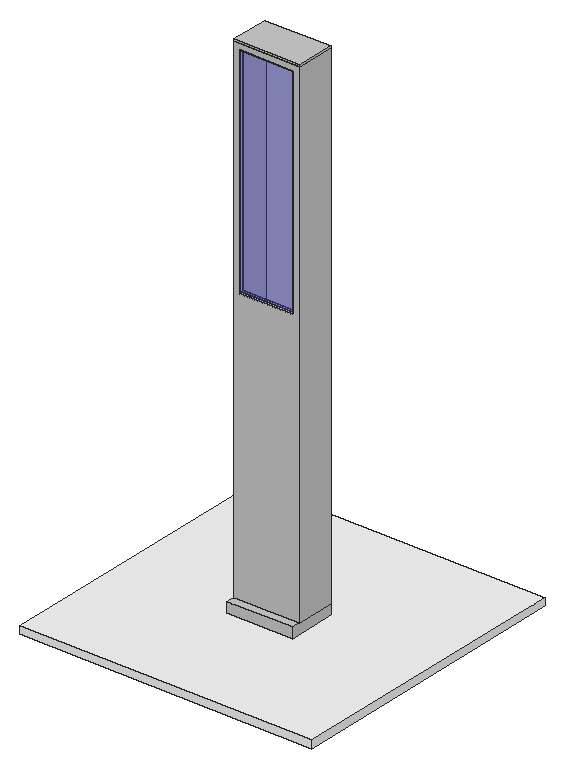
Revit family "BE_77247_de_DE", category Leuchten, Revit 2015
Parameters (values of type "BEGA_77247_Silber_K3")
  built-in parameter 1150104 = 7.7778 (stored number, unit not read)
  Wattage = 4.3 W
  Default Elevation = 0 mm
  built-in parameter 1150113 = 1 (stored number, unit not read)
  built-in parameter 1114218 = 1 (stored number, unit not read)
  Umgebungstemperatur = ""
  URL = "http://www.bega.de/produkt/77247"
  Typenkommentare = "© 2016 BEGA. Wir behalten uns das Recht vor, technische Änderungen ohne vorherige Ankündigung vorzunehmen."  # constant formula
  Type Image = 77247.png
  built-in parameter 1150134 = (empty or 0)
  built-in parameter 1150109 = 1 (stored number, unit not read)
  Strom = ""
  built-in parameter 1150110 = 1 (stored number, unit not read)
  Spannung = 239.996 V
  Sonderanfertigung = no
  Seriennummer [instance] = "Hier können Sie die eindeutige Seriennummer für das Facility Management eintragen."
  Schutzklasse = "I"
  Schutzart = "IP 65"
  Scheinlast = 0 VA
  Produktdatenblatt = "http://www.bega.de/download/Xrfa/db/77247.db.de.pdf"
  Oberflächentemperatur = ""
  Neigungswinkel = 0.00°
  Modell = "77247A"
  Material_18 = BEGA_Gummi_schwarz
  Material_17 = BEGA_Reflektor
  Material_15 = BEGA_Leuchtmedium_matt
  Material_11 = BEGA_Glas_opal
  Material_09 = BEGA_Glas_klar
  Material_08 = BEGA_Oberfläche_Stahl_verzinkt
  Material_06 = BEGA_Oberfläche_Edelstahl_gebürstet
  Material_03 = BEGA_Oberfläche_Weiss_matt
  Material_02 = BEGA_Oberfläche_Silber_matt
  Material_01 [instance] = BEGA_Oberfläche_Grafit_matt
  M_W = no
  M_G = no
  M_A = yes
  Logo = 0
  built-in parameter 1114217 = 1 (stored number, unit not read)
  built-in parameter 1150139 = (empty or 0)
  built-in parameter 1150105 = 28.648 (stored number, unit not read)
  built-in parameter 1150114 = 1 (stored number, unit not read)
  Lumens = 359.996 lm
  built-in parameter 1150115 = 1 (stored number, unit not read)
  Leuchtenlichtstrom = "99 lm"
  Leuchtenanzahl = ""
  Lebensdauerkriterien = "L70 = 50.000 h"
  Lastklassifizierung = Beleuchtung
  built-in parameter 1150112 = 1 (stored number, unit not read)
  Lampenlichtstrom = "360 lm"
  Lampe = "LED 4.3 W"
  LED_Modulbezeichnung = "LED-0295/830"
  built-in parameter 1150142 = (empty or 0)
  Hersteller = "BEGA"  # constant formula
  Halbstreuwinkel = ""
  Gewicht = "2.85 kg"
  Gebrauchslageneinschränkung [instance] = ""
  Frequenz = "50/60 Hz"
  Farbwiedergabeindex = "Ra > 80"
  Farbtemperaturverschiebung bei Dämpfen der Lampe = <Keine Auswahl>
  Farbtemperatur = "3000 K"
  Color Filter = 16777215
  built-in parameter 1150133 = 10 (stored number, unit not read)
  Energieeffizienzklasse = "LED A++ - A"
  built-in parameter 1150137 = (empty or 0)
  built-in parameter 1150132 = (empty or 0)
  ENEC = "ja"
  Dimmbar [instance] = ""
  Datei für fotometrisches Netz = "BE_77247.IES"
  CE_Konformität = "ja"
  Bestellnummer = "77247A"
  Beschreibung_Sonderanfertigung = "Hier können Sie Informationen zur Sonderanfertigung eintragen."
  Beschreibung = "Garten- und Wegeleuchte"
  built-in parameter 1150106 = 0.28648 (stored number, unit not read)
  Befestigungsbohrung = "Ø 5,5 mm"
  Befestigungsabstand = ""
  Ballwurfsicher = ""
  BEGA_Intern_aus = yes
  BEGA_Intern_an = yes
  BEGA_Intern_Konstruktion = yes
  BEGA_Intern = yes
  BEGA_IES = yes
  BEGA_Dummy = no
  Anschlussleitung = ""
  Anschlussleistung [instance] = "6 W"
  built-in parameter 1150107 = 3000 (stored number, unit not read)
  built-in parameter 1150102 = (empty or 0)
  built-in parameter 1150138 = (empty or 0)
  Aktualisierung = "2016-11-25T04:14:57"
  Abstand_zur_angestrahlten_Fläche [instance] = ""
  AC/DC = "AC"
Types (2, lengths in mm): name | Modell | M_G | M_A | Bestellnummer
  BEGA_77247_Grafit_K3 | "77247" | yes | no | "77247"
  BEGA_77247_Silber_K3 | "77247A" | no | yes | "77247A"
Reference planes
  plane 1 "Mitte (Vorne/Hinten)": y = 0
  plane 2: z = 0
  plane 3 "Mitte (Links/Rechts)": x = 0
  plane 4 "Links": x = -45.24
  plane 5 "Rechts": x = 45.237
  plane 6 "Unten": y = -38.74
  plane 7 "Oben": y = 26.737
  plane 8 "Vorne": z = 700.372
  plane 9 "Hinten": z = 0
Forms (mm)
  Extrusion 1, solid, material "BEGA_Platte_Weiss"
    sketch origin (0, -1119.2, 0) x (1, 0, 0) y (0, 1, 0)
      loop
        line (-200, 1319.2) -> (-200, 919.2) -> (200, 919.2) -> (200, 1319.2) -> (-200, 1319.2)
    from 0 to -10
  Extrusion 2, solid, material "BEGA_Dummy_matt", visible <- "BEGA_Dummy"
    sketch origin (80.095, -76.023, 0) x (1, 0, 0) y (0, 1, 0)
      loop
        line (-125.336, 102.76) -> (-125.336, 37.283) -> (-34.858, 37.283) -> (-34.858, 102.76) -> (-125.336, 102.76)
    from 0 to 700.372
Dimensions and locks
  plane 1 "Mitte (Vorne/Hinten)" to Extrusion 1 = 200 mm
  aligned and locked: plane 2 to Extrusion 1
  aligned and locked: level to Extrusion 1
Nested families
  nested 1: "BE_77247" at (0, 0, 0) x (0, -1, 0) z (0, 0, 1), type "BE_77247"
Connectors
  electrical at (0, 0, 0), driven by "Lastklassifizierung", driven by "Spannung", driven by "Scheinlast"
    settings: index 1, voltage 239.996 V, apparent load 0 VA, apparent load phase1 0 VA, apparent load phase2 0 VA, apparent load phase3 0 VA, power factor 1, load classification "Beleuchtung", number of poles 1, system type 31, power factor state 1, is connector primary yes, connector utility no, sub classification motor no, connector description ""
Definition of nested family "BE_77247"
  Parameters (values of type "BE_77247")
    Default Elevation = 1 mm
    URL = "http://www.bega.de/de/produkt"
    Type Comments = "© 2015 BEGA. Wir behalten uns das Recht vor, technische Änderungen ohne vorherige Ankündigung vorzunehmen. "  # constant formula
    Type Image = (empty or 0)
    Material_18 = none
    Material_17 = none
    Material_15 = none
    Material_11 = none
    Material_09 = none
    Material_08 = none
    Material_06 = none
    Material_03 = none
    Material_02 = none
    Material_01 = none
    M_W = yes
    M_G = yes
    M_A = yes
    Länge_Platte = 200 mm  # constant formula
    Höhe_Platte = -10 mm  # constant formula
    Manufacturer = "BEGA"  # constant formula
    Breite_Platte = 200 mm  # constant formula
  Reference planes
    plane 1 "Mitte (Oben/Unten)": y = 0
    plane 2: z = 0
    plane 3 "Mitte (Links/Rechts)": x = 0
    plane 4: x = -26.737
    plane 5: z = 700.372
    plane 6: x = 38.74
    plane 7: y = -45.24
    plane 8: y = 45.237
  Forms (mm)
    Extrusion 1, solid, detail levels medium
      sketch origin (0, 0, 0) x (1, 0, 0) y (0, 1, 0)
        loop
          line (-100, 100) -> (-100, -100) -> (100, -100) -> (100, 100) -> (-100, 100)
      from 0 to -10 <- "Höhe_Platte"
    Sweep 2, solid, material <- "Material_01", visible <- "M_G", detail levels medium+fine
      path origin (0, 0, 0) x (1, 0, 0) y (0, 1, 0)
        loop
          line (-26.5, 45) -> (-26.5, -45.003) -> (38.503, -45.003) -> (38.503, 45) -> (-26.5, 45)
      profile origin (-26.5, -0.002, 0) x (1, 0, 0) y (0, 0, 1)
        loop
          line (0, 13.572) -> (-0.237, 0) -> (1.46, 0) -> (1.583, 3.517) -> (2.477, 4.475) -> (2.734, 11.837) -> (4.9, 11.837) -> (4.9, 13.572) -> (0, 13.572)
    Extrusion 3, solid, material <- "Material_01", visible <- "M_G", detail levels medium+fine
      sketch origin (0, 0, 0) x (1, 0, 0) y (0, 0, 1)
        loop
          line (36.18, 13.572) -> (22.161, 13.572) -> (22.161, 10.872) -> (36.18, 10.872) -> (36.18, 13.572)
      from -40.1 to 40.103
    Sweep 4, solid, material <- "Material_01", visible <- "M_G", detail levels medium+fine
      path origin (0, 0, 0) x (1, 0, 0) y (0, 1, 0)
        loop
          line (-26.5, -45.003) -> (26.5, -45.003) -> (26.5, 45) -> (-26.5, 45) -> (-26.5, -45.003)
      profile origin (-26.5, -0.002, 0) x (-1, 0, 0) y (0, 0, 1)
        loop
          line (-3, 13.572) -> (0, 13.572) -> (0, 698.572) -> (-3, 698.572) -> (-3, 13.572)
    Revolve 5, solid, material <- "Material_08", detail levels medium+fine
      sketch origin (0, 0, 0) x (1, 0, 0) y (0, 0, 1)
        loop
          line (20.6, 3.827) -> (20.6, 0.998)
          arc (20.6, 0.998) -> (21.475, 0.288) -> (22.566, 0.001) r 2.674
          line (22.566, 0.001) -> (34.5, 0.001) -> (34.5, 2) -> (22.428, 2) -> (20.6, 3.827)
        axis (-0.5, 3.827) -> (-0.5, 0.001)
      angle from 0 to 360
    Extrusion 6, void
      sketch origin (0, 0, 0) x (1, 0, 0) y (0, 1, 0)
        loop
          line (-24.123, 4.279) -> (-19.72, 29.25)
          arc (-19.72, 29.25) -> (-31.304, 16.618) -> (-35.5, 0) r 35
          arc (-35.5, 0) -> (-31.304, -16.618) -> (-19.72, -29.25) r 35
          line (-19.72, -29.25) -> (-24.132, -4.23)
          arc (-24.132, -4.23) -> (-24.5, 0.025) -> (-24.123, 4.279) r 24.5
      from 0 to 5.614
    Revolve 7, solid, material <- "Material_08", detail levels medium+fine
      sketch origin (0, 0, 0) x (1, 0, 0) y (0, 0, 1)
        loop
          line (18.6, 0.998) -> (20.6, 0.998) -> (20.6, 120) -> (18.6, 120) -> (18.6, 0.998)
        axis (-0.5, 0.998) -> (-0.5, 120)
      angle from 0 to 360
    Extrusion 8, void
      sketch origin (0, 0, 0) x (1, 0, 0) y (0, 1, 0)
        loop
          circle (-15, 25.981) r 2.75
        loop
          circle (-15, -25.981) r 2.75
        loop
          circle (30, 0) r 2.75
      from 0 to 5.408
    Extrusion 9, solid, material <- "Material_01", visible <- "M_G", detail levels medium+fine
      sketch origin (0, 0, 0) x (1, 0, 0) y (0, 0, 1)
        loop
          line (26.5, 700.372) -> (-26.5, 700.372) -> (-26.5, 698.572) -> (26.5, 698.572) -> (26.5, 700.372)
      from -45 to 45.003
    Revolve 10, void
      sketch origin (0, 0, 0) x (1, 0, 0) y (0, 0, 1)
        loop
          line (-26.983, 52.572) -> (-26.983, 48.572) -> (-22.865, 48.572) -> (-22.865, 52.572) -> (-26.983, 52.572)
        axis (-26.983, 48.572) -> (-22.865, 48.572)
      angle from 0 to 360
    Revolve 11, void
      sketch origin (0, 0, 50) x (1, 0, 0) y (0, 0, 1)
        loop
          line (-26.983, 52.572) -> (-26.983, 48.572) -> (-22.865, 48.572) -> (-22.865, 52.572) -> (-26.983, 52.572)
        axis (-26.983, 48.572) -> (-22.865, 48.572)
      angle from 0 to 360
    Revolve 12, solid, material <- "Material_06", detail levels fine
      sketch origin (0, 0, 0) x (1, 0, 0) y (0, 0, 1)
        loop
          line (-27.5, 98.572) -> (-21.6, 98.572) -> (-21.6, 100.172) -> (-23.001, 101.573) -> (-23.001, 102.742) -> (-26.5, 102.497) -> (-26.5, 101.572) -> (-27.5, 101.572) -> (-27.5, 98.572)
        axis (-27.5, 98.572) -> (-21.6, 98.572)
      angle from 0 to 360
    Blend 13, void
      base sketch origin (0, 0, -0.4) x (0, 1, 0) y (0, 0, 1)
        loop
          line (-36.203, 690.172) -> (-36.203, 391.772) -> (36.2, 391.772) -> (36.2, 690.172) -> (-36.203, 690.172)
      top sketch origin (0, 0, -0.4) x (0, 1, 0) y (0, 0, 1)
        loop
          line (-37.303, 691.272) -> (-37.303, 390.672) -> (37.3, 390.672) -> (37.3, 691.272) -> (-37.303, 691.272)
      from 23.332 to 26.857
    Extrusion 14, solid, material <- "Material_11", detail levels medium+fine
      sketch origin (0, 0, 0) x (1, 0, 0) y (0, 0, 1)
        loop
          line (26.51, 689.072) -> (22.51, 689.072) -> (22.51, 392.072) -> (26.51, 392.072) -> (26.51, 689.072)
      from -35.438 to 35.351
    Revolve 15, solid, material <- "Material_06", detail levels fine
      sketch origin (0, 0, -50) x (1, 0, 0) y (0, 0, 1)
        loop
          line (-27.5, 98.572) -> (-21.6, 98.572) -> (-21.6, 100.172) -> (-23.001, 101.573) -> (-23.001, 102.742) -> (-26.5, 102.497) -> (-26.5, 101.572) -> (-27.5, 101.572) -> (-27.5, 98.572)
        axis (-27.5, 98.572) -> (-21.6, 98.572)
      angle from 0 to 360
    Sweep 16, solid, material <- "Material_02", visible <- "M_A", detail levels medium+fine
      path origin (0, 0, 0) x (1, 0, 0) y (0, 1, 0)
        loop
          line (-26.5, 45) -> (-26.5, -45.003) -> (38.503, -45.003) -> (38.503, 45) -> (-26.5, 45)
      profile origin (-26.5, -0.002, 0) x (1, 0, 0) y (0, 0, 1)
        loop
          line (0, 13.572) -> (-0.237, 0) -> (1.46, 0) -> (1.583, 3.517) -> (2.477, 4.475) -> (2.734, 11.837) -> (4.9, 11.837) -> (4.9, 13.572) -> (0, 13.572)
    Extrusion 17, solid, material <- "Material_02", visible <- "M_A", detail levels medium+fine
      sketch origin (0, 0, 0) x (1, 0, 0) y (0, 0, 1)
        loop
          line (36.18, 13.572) -> (22.161, 13.572) -> (22.161, 10.872) -> (36.18, 10.872) -> (36.18, 13.572)
      from -40.1 to 40.103
    Sweep 18, solid, material <- "Material_02", visible <- "M_A", detail levels medium+fine
      path origin (0, 0, 0) x (1, 0, 0) y (0, 1, 0)
        loop
          line (-26.5, -45.003) -> (26.5, -45.003) -> (26.5, 45) -> (-26.5, 45) -> (-26.5, -45.003)
      profile origin (-26.5, -0.002, 0) x (-1, 0, 0) y (0, 0, 1)
        loop
          line (-3, 13.572) -> (0, 13.572) -> (0, 698.572) -> (-3, 698.572) -> (-3, 13.572)
    Extrusion 19, solid, material <- "Material_02", visible <- "M_A", detail levels medium+fine
      sketch origin (0, 0, 0) x (1, 0, 0) y (0, 0, 1)
        loop
          line (26.5, 700.372) -> (-26.5, 700.372) -> (-26.5, 698.572) -> (26.5, 698.572) -> (26.5, 700.372)
      from -45 to 45.003
  Cuts and joins
    Extrusion 8 cuts Sweep 2
    Extrusion 8 cuts Extrusion 3
    joined: Sweep 2, Extrusion 3
    Extrusion 6, Extrusion 8 cuts Revolve 5
    Extrusion 8 cuts Revolve 7
    joined: Revolve 5, Revolve 7
    Extrusion 6, Revolve 10, Revolve 11, Blend 13 cuts Sweep 4
    joined: Sweep 16, Extrusion 17
    Revolve 10, Revolve 11, Blend 13 cuts Sweep 18
  Dimensions and locks
    equal spacing: Extrusion 1 sketch curve, plane 3 "Mitte (Links/Rechts)", Extrusion 1 sketch curve
    equal spacing: Extrusion 1 sketch curve, plane 1 "Mitte (Oben/Unten)", Extrusion 1 sketch curve
    "Länge_Platte": Extrusion 1 sketch curve to Extrusion 1 sketch curve
    "Breite_Platte": Extrusion 1 sketch curve to Extrusion 1 sketch curve
    aligned and locked: Extrusion 1 to plane 2
    aligned and locked: level to Extrusion 1
  Automatic sketch dimensions
    Sweep 2 sketch curve to plane 3 "Mitte (Links/Rechts)" = 26.5 mm
    plane 3 "Mitte (Links/Rechts)" to Sweep 2 sketch curve = 38.503 mm
    plane 1 "Mitte (Oben/Unten)" to Sweep 2 sketch curve = 45.003 mm
    Sweep 2 sketch curve to plane 1 "Mitte (Oben/Unten)" = 45 mm
    Sweep 2 sketch curve to level = 0 mm
    profile plane to Sweep 2 sketch curve = 0.237 mm
    Sweep 2 sketch curve to profile plane = 0 mm
    Sweep 2 sketch curve to profile plane = 1.46 mm
    Sweep 2 sketch curve to profile plane = 1.583 mm
    Sweep 2 sketch curve to Sweep 2 sketch curve = 0.893 mm
    Sweep 2 sketch curve to profile plane = 2.734 mm
    Sweep 2 sketch curve to Sweep 2 sketch curve = 2.166 mm
    level to Sweep 2 sketch curve = 3.517 mm
    Sweep 2 sketch curve to Sweep 2 sketch curve = 0.958 mm
    Sweep 2 sketch curve to Sweep 2 sketch curve = 7.362 mm
    Sweep 2 sketch curve to Sweep 2 sketch curve = 1.735 mm
    plane 3 "Mitte (Links/Rechts)" to Extrusion 3 sketch curve = 22.161 mm
    Extrusion 3 sketch curve to Extrusion 3 sketch curve = 14.019 mm
    level to Extrusion 3 sketch curve = 10.872 mm
    Extrusion 3 sketch curve to Extrusion 3 sketch curve = 2.7 mm
    Sweep 4 sketch curve to plane 3 "Mitte (Links/Rechts)" = 26.5 mm
    plane 3 "Mitte (Links/Rechts)" to Sweep 4 sketch curve = 26.5 mm
    plane 1 "Mitte (Oben/Unten)" to Sweep 4 sketch curve = 45.003 mm
    Sweep 4 sketch curve to plane 1 "Mitte (Oben/Unten)" = 45 mm
    profile plane to Sweep 4 sketch curve = 3 mm
    Sweep 4 sketch curve to profile plane = 0 mm
    level to Sweep 4 sketch curve = 13.572 mm
    Sweep 4 sketch curve to Sweep 4 sketch curve = 685 mm
    level to Revolve 5 sketch curve = 0.998 mm
    plane 3 "Mitte (Links/Rechts)" to Revolve 5 sketch curve = 20.6 mm
    level to Revolve 5 sketch curve = 2 mm
    Revolve 5 sketch curve to Revolve 5 sketch curve = 1.828 mm
    level to Revolve 5 sketch curve = 0.001 mm
    Revolve 5 sketch curve to Revolve 5 sketch curve = 0.138 mm
    Revolve 5 sketch curve to Revolve 5 sketch curve = 0.257 mm
    Revolve 5 sketch curve to Revolve 5 sketch curve = 11.815 mm
    Revolve 5 sketch curve to Revolve 5 sketch curve = 1.155 mm
    Revolve 5 sketch curve to plane 3 "Mitte (Links/Rechts)" = 0.5 mm
    level to Revolve 5 sketch curve = 5.947 mm
    Revolve 5 sketch curve to Revolve 5 sketch curve = 4.112 mm
    Extrusion 6 sketch curve to Extrusion 6 sketch curve = 0 mm  (x2)
    plane 1 "Mitte (Oben/Unten)" to Extrusion 6 sketch curve = 0 mm  (x2)
    Extrusion 6 sketch curve to plane 3 "Mitte (Links/Rechts)" = 0 mm
    Extrusion 6 sketch curve to plane 3 "Mitte (Links/Rechts)" = 0.5 mm
    Extrusion 6 sketch curve to plane 3 "Mitte (Links/Rechts)" = 19.72 mm  (x2)
    Extrusion 6 sketch curve to plane 1 "Mitte (Oben/Unten)" = 4.279 mm
    Extrusion 6 sketch curve to Extrusion 6 sketch curve = 23.623 mm
    plane 1 "Mitte (Oben/Unten)" to Extrusion 6 sketch curve = 4.23 mm
    Extrusion 6 sketch curve to Extrusion 6 sketch curve = 25.021 mm
    plane 3 "Mitte (Links/Rechts)" to Revolve 7 sketch curve = 18.6 mm
    level to Revolve 7 sketch curve = 0.998 mm
    Revolve 7 sketch curve to Revolve 7 sketch curve = 2 mm
    Revolve 7 sketch curve to Revolve 7 sketch curve = 119.002 mm
    Revolve 7 sketch curve to plane 3 "Mitte (Links/Rechts)" = 0.5 mm
    level to Revolve 7 sketch curve = 24.123 mm
    Revolve 7 sketch curve to Revolve 7 sketch curve = 4.292 mm
    Extrusion 9 sketch curve to plane 3 "Mitte (Links/Rechts)" = 26.5 mm
    plane 3 "Mitte (Links/Rechts)" to Extrusion 9 sketch curve = 26.5 mm
    level to Extrusion 9 sketch curve = 698.572 mm
    Extrusion 9 sketch curve to Extrusion 9 sketch curve = 1.8 mm
    Revolve 10 sketch curve to plane 3 "Mitte (Links/Rechts)" = 26.983 mm
    Revolve 10 sketch curve to Revolve 10 sketch curve = 4.118 mm
    level to Revolve 10 sketch curve = 48.572 mm
    Revolve 10 sketch curve to Revolve 10 sketch curve = 4 mm
    Revolve 10 sketch curve to Revolve 10 sketch curve = 0.21 mm
    Revolve 10 sketch curve to Revolve 10 sketch curve = 1.673 mm
    Revolve 10 sketch curve to Revolve 10 sketch curve = 0 mm
    Revolve 11 sketch curve to plane 3 "Mitte (Links/Rechts)" = 26.983 mm
    Revolve 11 sketch curve to Revolve 11 sketch curve = 4.118 mm
    level to Revolve 11 sketch curve = 98.572 mm
    Revolve 11 sketch curve to Revolve 11 sketch curve = 4 mm
    Revolve 11 sketch curve to Revolve 11 sketch curve = 0.21 mm
    Revolve 11 sketch curve to Revolve 11 sketch curve = 1.673 mm
    Revolve 11 sketch curve to Revolve 11 sketch curve = 0 mm
    Revolve 12 sketch curve to plane 3 "Mitte (Links/Rechts)" = 27.5 mm
    Revolve 12 sketch curve to Revolve 12 sketch curve = 1 mm
    Revolve 12 sketch curve to Revolve 12 sketch curve = 3.499 mm
    Revolve 12 sketch curve to Revolve 12 sketch curve = 1.401 mm
    level to Revolve 12 sketch curve = 98.572 mm
    Revolve 12 sketch curve to Revolve 12 sketch curve = 3 mm
    Revolve 12 sketch curve to Revolve 12 sketch curve = 3.001 mm
    Revolve 12 sketch curve to Revolve 12 sketch curve = 0.925 mm
    Revolve 12 sketch curve to Revolve 12 sketch curve = 1.169 mm
    Revolve 12 sketch curve to Revolve 12 sketch curve = 0 mm  (x2)
    Revolve 12 sketch curve to Revolve 12 sketch curve = 1.676 mm
    Revolve 12 sketch curve to Revolve 12 sketch curve = 1.6 mm
    plane 1 "Mitte (Oben/Unten)" to Blend 13 sketch curve = 36.203 mm
    Blend 13 sketch curve to plane 1 "Mitte (Oben/Unten)" = 36.2 mm
    level to Blend 13 sketch curve = 391.372 mm
    Blend 13 sketch curve to Blend 13 sketch curve = 298.4 mm
    plane 1 "Mitte (Oben/Unten)" to Blend 13 sketch curve = 37.303 mm
    Blend 13 sketch curve to plane 1 "Mitte (Oben/Unten)" = 37.3 mm
    level to Blend 13 sketch curve = 390.272 mm
    Blend 13 sketch curve to Blend 13 sketch curve = 300.6 mm
    plane 3 "Mitte (Links/Rechts)" to Extrusion 14 sketch curve = 22.51 mm
    Extrusion 14 sketch curve to Extrusion 14 sketch curve = 4 mm
    level to Extrusion 14 sketch curve = 392.072 mm
    Extrusion 14 sketch curve to Extrusion 14 sketch curve = 297 mm
    Revolve 15 sketch curve to plane 3 "Mitte (Links/Rechts)" = 27.5 mm
    Revolve 15 sketch curve to Revolve 15 sketch curve = 1 mm
    Revolve 15 sketch curve to Revolve 15 sketch curve = 3.499 mm
    Revolve 15 sketch curve to Revolve 15 sketch curve = 1.401 mm
    level to Revolve 15 sketch curve = 48.572 mm
    Revolve 15 sketch curve to Revolve 15 sketch curve = 3 mm
    Revolve 15 sketch curve to Revolve 15 sketch curve = 3.001 mm
    Revolve 15 sketch curve to Revolve 15 sketch curve = 0.925 mm
    Revolve 15 sketch curve to Revolve 15 sketch curve = 1.169 mm
    Revolve 15 sketch curve to Revolve 15 sketch curve = 0 mm  (x2)
    Revolve 15 sketch curve to Revolve 15 sketch curve = 1.676 mm
    Revolve 15 sketch curve to Revolve 15 sketch curve = 1.6 mm
    Sweep 16 sketch curve to plane 3 "Mitte (Links/Rechts)" = 26.5 mm
    plane 3 "Mitte (Links/Rechts)" to Sweep 16 sketch curve = 38.503 mm
    plane 1 "Mitte (Oben/Unten)" to Sweep 16 sketch curve = 45.003 mm
    Sweep 16 sketch curve to plane 1 "Mitte (Oben/Unten)" = 45 mm
    Sweep 16 sketch curve to level = 0 mm
    profile plane to Sweep 16 sketch curve = 0.237 mm
    Sweep 16 sketch curve to profile plane = 0 mm
    Sweep 16 sketch curve to profile plane = 1.46 mm
    Sweep 16 sketch curve to profile plane = 1.583 mm
    Sweep 16 sketch curve to Sweep 16 sketch curve = 0.893 mm
    Sweep 16 sketch curve to profile plane = 2.734 mm
    Sweep 16 sketch curve to Sweep 16 sketch curve = 2.166 mm
    level to Sweep 16 sketch curve = 3.517 mm
    Sweep 16 sketch curve to Sweep 16 sketch curve = 0.958 mm
    Sweep 16 sketch curve to Sweep 16 sketch curve = 7.362 mm
    Sweep 16 sketch curve to Sweep 16 sketch curve = 1.735 mm
    plane 3 "Mitte (Links/Rechts)" to Extrusion 17 sketch curve = 22.161 mm
    Extrusion 17 sketch curve to Extrusion 17 sketch curve = 14.019 mm
    level to Extrusion 17 sketch curve = 10.872 mm
    Extrusion 17 sketch curve to Extrusion 17 sketch curve = 2.7 mm
    Sweep 18 sketch curve to plane 3 "Mitte (Links/Rechts)" = 26.5 mm
    plane 3 "Mitte (Links/Rechts)" to Sweep 18 sketch curve = 26.5 mm
    plane 1 "Mitte (Oben/Unten)" to Sweep 18 sketch curve = 45.003 mm
    Sweep 18 sketch curve to plane 1 "Mitte (Oben/Unten)" = 45 mm
    profile plane to Sweep 18 sketch curve = 3 mm
    Sweep 18 sketch curve to profile plane = 0 mm
    level to Sweep 18 sketch curve = 13.572 mm
    Sweep 18 sketch curve to Sweep 18 sketch curve = 685 mm
    Extrusion 19 sketch curve to plane 3 "Mitte (Links/Rechts)" = 26.5 mm
    plane 3 "Mitte (Links/Rechts)" to Extrusion 19 sketch curve = 26.5 mm
    level to Extrusion 19 sketch curve = 698.572 mm
    Extrusion 19 sketch curve to Extrusion 19 sketch curve = 1.8 mm
